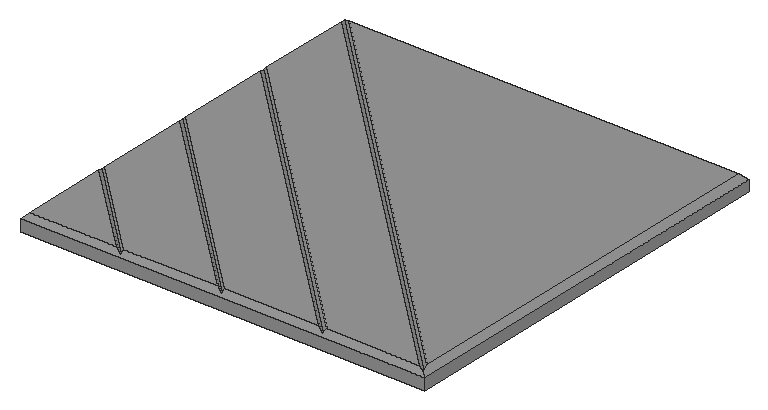
Revit family "ARROW-2x2", category Generic Models, Revit 2026
Family settings
  Can host rebar = No
  Round Connector Dimension = Use Diameter
  Part Type = Normal
  Work Plane-Based = No
  Always vertical = Yes
  Cut with Voids When Loaded = No
  Maintain Annotation Orientation = No
  Shared = No
  Room Calculation Point = No
Parameters (values of type "STANDARD - CUSTOM PAINTED")
  URL = "https://www.acousticalsurfaces.com/envirocoustic-wood-wool/designs/"
  Thickness = 0' - 1"
  Material = "Envirocoustic Wood Wool"
  Manufacturer = "Acoustical Surfaces, Inc."
  Finish = Custom Painted
  Default Elevation = 0' - 0"
  Backer Thickness = 0' - 1"
  Backer = no
Types (9): name | Finish | Backer Thickness | Backer
  STANDARD - CUSTOM PAINTED | Custom Painted | 0' - 1" | no
  STANDARD - PRIMED WHITE | Primed White | 0' - 1" | no
  STANDARD - PRIMED CLEAR | Primed Clear | 0' - 1" | no
  2 INCH CFAB BACKER - PRIMED WHITE | Primed White | 0' - 2" | yes
  1 INCH CFAB BACKER - PRIMED WHITE | Primed White | 0' - 1" | yes
  2 INCH CFAB BACKER - PRIMED CLEAR | Primed Clear | 0' - 2" | yes
  1 INCH CFAB BACKER - PRIMED CLEAR | Primed Clear | 0' - 1" | yes
  2 INCH CFAB BACKER - CUSTOM PAINTED | Custom Painted | 0' - 2" | yes
  1 INCH CFAB BACKER - CUSTOM PAINTED | Custom Painted | 0' - 1" | yes
Reference planes (in)
  plane 1 "Center (Front/Back)": y = 0
  plane 2: z = 0
  plane 3 "Center (Left/Right)": x = 0
  plane 4: x = -12
  plane 5: x = 12
  plane 6: y = 12
  plane 7: y = -12
  plane 8: z = 1
  plane 9: z = -1
Forms (in)
  Extrusion 1, solid, material "Custom Painted" <- "Finish"
    sketch origin (0, 0, 0) x (1, 0, 0) y (0, 1, 0)
      loop
        line (12, 12) -> (-12, 12) -> (-12, -12) -> (12, -12) -> (12, 12)
    from 0 to 1
  Sweep 2, void
    path in 3D
      loop
        line (12, 12, 1) -> (-12, 12, 1) -> (-12, -12, 1) -> (12, -12, 1) -> (12, 12, 1)
    profile "Triangle : Family2" origin (12, 0, 1) x (-1, 0, 0) y (0, 0, 1)
      loop
        line (0, 0) -> (0, -0.315) -> (0.315, 0) -> (0, 0)
  Extrusion 3, solid, visible <- "Backer"
    sketch origin (0, 0, 0) x (1, 0, 0) y (0, 1, 0)
      loop
        line (12, 12) -> (-12, 12) -> (-12, -12) -> (12, -12) -> (12, 12)
    from 0 to -1
  Sweep 4, void
    path origin (0, -36, 1) x (1, 0, 0) y (0, 1, 0)
      loop
        line (-12, 48) -> (12, 24) -> (-12, 0)
    profile "Groove : Family2" origin (0, 0, 1) x (0.707107, 0.707107, 0) y (0, 0, 1)
      loop
        line (-0.1575, 0) -> (0, -0.1575) -> (0.1575, 0) -> (-0.1575, 0)
  Sweep 5, void
    path origin (0, -24, 1) x (1, 0, 0) y (0, 1, 0)
      loop
        line (-12, 30) -> (6, 12) -> (-12, -6)
    profile "Groove : Family2" origin (-3, -3, 1) x (0.707107, 0.707107, 0) y (0, 0, 1)
      loop
        line (-0.1575, 0) -> (0, -0.1575) -> (0.1575, 0) -> (-0.1575, 0)
  Sweep 6, void
    path origin (0, -24, 1) x (1, 0, 0) y (0, 1, 0)
      loop
        line (-12, 24) -> (0, 12) -> (-12, 0)
    profile "Groove : Family2" origin (-6, -6, 1) x (0.707107, 0.707107, 0) y (0, 0, 1)
      loop
        line (-0.1575, 0) -> (0, -0.1575) -> (0.1575, 0) -> (-0.1575, 0)
  Sweep 7, void
    path origin (0, -24, 1) x (1, 0, 0) y (0, 1, 0)
      loop
        line (-12, 18) -> (-6, 12) -> (-12, 6)
    profile "Groove : Family2" origin (-9, -9, 1) x (0.707107, 0.707107, 0) y (0, 0, 1)
      loop
        line (-0.1575, 0) -> (0, -0.1575) -> (0.1575, 0) -> (-0.1575, 0)
Cuts and joins
  Sweep 2, Sweep 4, Sweep 5, Sweep 6, Sweep 7 cuts Extrusion 1
Lines and regions (in)
  sketch lines
    curve 1: line (12, -12, 1) -> (12, 12, 1)
    curve 2: line (-12, -12, 1) -> (12, -12, 1)
    curve 3: line (-12, 12, 1) -> (-12, -12, 1)
    curve 4: line (12, 12, 1) -> (-12, 12, 1)
Dimensions and locks (in)
  equal spacing: plane 4, plane 3 "Center (Left/Right)", plane 5
  equal spacing: plane 7, plane 1 "Center (Front/Back)", plane 6
  plane 7 to plane 6 = 2' - 0"
  locked: plane 4 to plane 5 at 24
  "Thickness": plane 8 to level
  "Backer Thickness": level to plane 9
  aligned and locked: level to plane 2
  aligned and locked: Extrusion 1 sketch curve to plane 4
  aligned and locked: plane 5 to Extrusion 1 sketch curve
  aligned and locked: Extrusion 1 sketch curve to plane 6
  aligned and locked: Extrusion 1 sketch curve to plane 7
  aligned and locked: Extrusion 1 to plane 8
  aligned and locked: Extrusion 3 sketch curve to plane 4
  aligned and locked: plane 5 to Extrusion 3 sketch curve
  aligned and locked: Extrusion 3 sketch curve to plane 6
  aligned and locked: Extrusion 3 sketch curve to plane 7
  aligned and locked: plane 9 to Extrusion 3
Automatic sketch dimensions
  Sweep 4 sketch curve to Extrusion 1 = 0' - 0"  (x4)
  Extrusion 1 to Sweep 4 sketch curve = 2' - 0"
  Sweep 5 sketch curve to Extrusion 1 = 0' - 0"  (x3)
  Sweep 5 sketch curve to Extrusion 1 = 0' - 6"
  Extrusion 1 to Sweep 5 sketch curve = 1' - 6"
  Sweep 6 sketch curve to Extrusion 1 = 0' - 0"  (x3)
  Sweep 6 sketch curve to Extrusion 1 = 1' - 0"
  Extrusion 1 to Sweep 6 sketch curve = 1' - 0"
  Sweep 7 sketch curve to Extrusion 1 = 0' - 0"  (x3)
  Sweep 7 sketch curve to Extrusion 1 = 0' - 6"
  Extrusion 1 to Sweep 7 sketch curve = 0' - 6"
